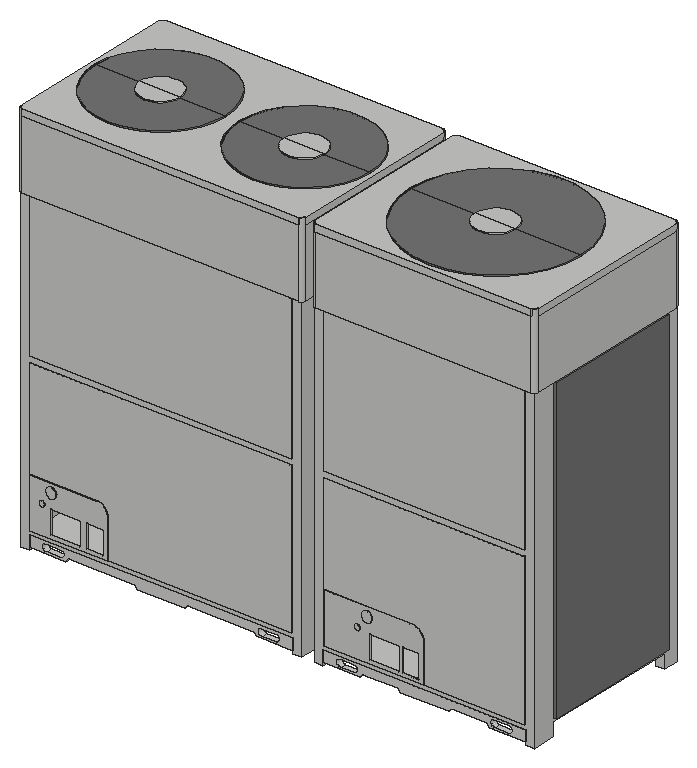
Revit family "Heat_Pump-Split_System-Outdoor-JCI-Twin_Unit-18-30 _ton-Heat_Recovery", category Mechanical Equipment, Revit 2014 (continued)
Definition of nested family "Heat_Pump-Split_System-Outdoor-JCI-Single_Unit-6-16 _ton-Heat_Recovery to be nested"
  Dimensions and locks (in)
    aligned and locked: plane 5 "Right" to Extrusion 8 sketch curve
    aligned and locked: Extrusion 8 sketch curve to plane 14 "front leg inside"
    aligned and locked: plane 28 to Extrusion 8 sketch curve
    aligned and locked: Extrusion 8 sketch curve to plane 4 "Left"
    aligned and locked: plane 13 "lid bottom" to Extrusion 8
    aligned and locked: plane 24 "panel bottom" to Extrusion 8
    aligned and locked: Extrusion 8 sketch curve to plane 26
    aligned and locked: plane 27 to Extrusion 8 sketch curve
    aligned and locked: Extrusion 8 sketch curve to plane 6 "Back"  (x2)
    aligned and locked: Extrusion 8 sketch curve to plane 15 "back leg inside"  (x2)
    aligned and locked: Extrusion 8 sketch curve to plane 23 "right leg inside"
    aligned and locked: plane 15 "back leg inside" to Extrusion 8 sketch curve
    aligned and locked: Extrusion 8 sketch curve to plane 22 "left leg inside"
    aligned and locked: plane 29 "fan 1 x cl" to nested 1
    aligned and locked: plane 29 "fan 1 x cl" to Extrusion 9 sketch curve
    aligned and locked: plane 1 "Center (Front/Back)" to Extrusion 9 sketch curve  (x2)
    aligned and locked: plane 30 "fan 2 x cl" to Extrusion 9 sketch curve
    aligned and locked: Extrusion 9 to plane 11 "Top"
    aligned and locked: Extrusion 9 to plane 17
    aligned and locked: plane 1 "Center (Front/Back)" to nested 1
    aligned and locked: plane 30 "fan 2 x cl" to nested 2
    aligned and locked: plane 1 "Center (Front/Back)" to nested 2
    aligned and locked: plane 7 "Front" to Extrusion 10 sketch curve
    aligned and locked: Extrusion 10 sketch curve to plane 5 "Right"
    aligned and locked: Extrusion 10 sketch curve to plane 6 "Back"
    aligned and locked: plane 4 "Left" to Extrusion 10 sketch curve
    aligned and locked: plane 31 "fan top" to Extrusion 10
    aligned and locked: Extrusion 10 to plane 10 "Bottom"
    aligned and locked: Extrusion 7 sketch curve to plane 32 "detail panel right"
    aligned and locked: plane 33 "detail panel top" to Extrusion 7 sketch curve
    aligned and locked: Masking region 1 sketch curve to Extrusion 10  (x4)
    aligned and locked: plane 8 "lid left" to Masking region 2 sketch curve  (x2)
    aligned and locked: Masking region 2 sketch curve to cut or joined group of Extrusion 2, Extrusion 9  (x4)
    aligned and locked: Masking region 2 sketch curve to cut or joined group of Extrusion 1, Extrusion 9  (x4)
    aligned and locked: cut or joined group of Extrusion 2, Extrusion 9 to Masking region 2 sketch curve  (x4)
    aligned and locked: plane 7 "Front" to Masking region 2 sketch curve
    aligned and locked: Masking region 2 sketch curve to plane 28
    aligned and locked: plane 4 "Left" to Masking region 2 sketch curve
    aligned and locked: Masking region 2 sketch curve to plane 15 "back leg inside"  (x2)
    aligned and locked: Masking region 2 sketch curve to plane 6 "Back"
    aligned and locked: Masking region 2 sketch curve to plane 5 "Right"
    aligned and locked: plane 14 "front leg inside" to Masking region 2 sketch curve
    aligned and locked: Masking region 2 sketch curve to plane 9 "lid right"
    aligned and locked: curve 1 to Masking region 2  (x2)
    aligned and locked: Masking region 2 to curve 2
    aligned and locked: curve 2 to Masking region 2  (x2)
    aligned and locked: Masking region 2 to curve 1
    aligned and locked: Masking region 3 sketch curve to plane 31 "fan top"
    aligned and locked: plane 4 "Left" to Masking region 3 sketch curve
    aligned and locked: Masking region 3 sketch curve to plane 5 "Right"
    aligned and locked: plane 10 "Bottom" to Masking region 3 sketch curve
    aligned and locked: Masking region 4 sketch curve to plane 11 "Top"
    aligned and locked: cut or joined group of Extrusion 1, Extrusion 9 to Masking region 4 sketch curve
    aligned and locked: plane 13 "lid bottom" to Masking region 4 sketch curve
    aligned and locked: Masking region 4 sketch curve to plane 4 "Left"
    aligned and locked: Masking region 4 sketch curve to plane 18 "body left"
    aligned and locked: Masking region 4 sketch curve to plane 24 "panel bottom"
    aligned and locked: Masking region 4 sketch curve to plane 12 "base top"
    aligned and locked: plane 22 "left leg inside" to Masking region 4 sketch curve
    aligned and locked: Masking region 4 sketch curve to plane 10 "Bottom"  (x2)
    aligned and locked: plane 19 "body right" to Masking region 4 sketch curve
    aligned and locked: Masking region 4 sketch curve to plane 23 "right leg inside"
    aligned and locked: plane 24 "panel bottom" to Masking region 4 sketch curve
    aligned and locked: plane 5 "Right" to Masking region 4 sketch curve
    aligned and locked: Masking region 4 sketch curve to plane 13 "lid bottom"
    aligned and locked: Masking region 4 sketch curve to cut or joined group of Extrusion 1, Extrusion 9
    aligned and locked: Masking region 5 sketch curve to Masking region 5 sketch curve
    aligned and locked: Masking region 5 sketch curve to plane 17
    aligned and locked: Masking region 5 sketch curve to plane 8 "lid left"
    aligned and locked: Masking region 5 sketch curve to plane 11 "Top"  (x2)
    aligned and locked: cut or joined group of Extrusion 2, Extrusion 9 to Masking region 5 sketch curve
    aligned and locked: Masking region 5 sketch curve to plane 16 "lid top"
    aligned and locked: Masking region 5 sketch curve to cut or joined group of Extrusion 2, Extrusion 9  (x3)
    aligned and locked: Masking region 5 sketch curve to plane 31 "fan top"
    aligned and locked: Masking region 5 sketch curve to plane 9 "lid right"
    aligned and locked: plane 17 to Masking region 5 sketch curve
    aligned and locked: plane 16 "lid top" to Masking region 5 sketch curve
    aligned and locked: Masking region 5 sketch curve to Extrusion 5  (x15)
    aligned and locked: Masking region 5 to curve 3  (x2)
    aligned and locked: Masking region 4 to curve 5  (x2)
    aligned and locked: curve 5 to Masking region 4
    aligned and locked: plane 13 "lid bottom" to curve 4
    aligned and locked: curve 4 to plane 18 "body left"
    aligned and locked: curve 6 to plane 19 "body right"
    aligned and locked: Masking region 4 to curve 4
    aligned and locked: curve 6 to Masking region 4
    aligned and locked: curve 7 to Extrusion 7
    aligned and locked: curve 8 to Extrusion 7
    aligned and locked: curve 9 to Extrusion 7
    aligned and locked: curve 11 to Extrusion 7
    aligned and locked: curve 12 to Extrusion 7
    aligned and locked: curve 14 to Extrusion 7
    aligned and locked: curve 15 to Extrusion 7
    aligned and locked: curve 16 to Extrusion 7
    aligned and locked: curve 17 to Extrusion 7
    aligned and locked: curve 19 to Extrusion 7
    aligned and locked: curve 21 to Extrusion 7
    aligned and locked: curve 22 to Extrusion 7
    aligned and locked: curve 31 to curve 28
    aligned and locked: curve 30 to Extrusion 8
    aligned and locked: plane 13 "lid bottom" to curve 32
    aligned and locked: plane 13 "lid bottom" to curve 30
    aligned and locked: plane 13 "lid bottom" to curve 29
    aligned and locked: plane 13 "lid bottom" to curve 27
    aligned and locked: curve 29 to Extrusion 8
    aligned and locked: curve 32 to Extrusion 8
    aligned and locked: curve 38 to plane 39
    aligned and locked: curve 37 to plane 38
    aligned and locked: curve 36 to plane 37
    aligned and locked: curve 35 to plane 36
    aligned and locked: curve 34 to plane 35
    aligned and locked: curve 33 to plane 34
    aligned and locked: plane 27 to curve 38
    aligned and locked: plane 23 "right leg inside" to curve 35
    aligned and locked: curve 39 to plane 40
    aligned and locked: curve 40 to plane 41
    aligned and locked: curve 41 to plane 42
    aligned and locked: curve 42 to plane 43
    aligned and locked: plane 13 "lid bottom" to curve 39
    aligned and locked: plane 13 "lid bottom" to curve 40
    aligned and locked: plane 13 "lid bottom" to curve 41
    aligned and locked: plane 13 "lid bottom" to curve 42
    aligned and locked: plane 24 "panel bottom" to curve 41
    aligned and locked: plane 24 "panel bottom" to curve 42
    aligned and locked: curve 43 to plane 34
    aligned and locked: curve 44 to plane 35
    aligned and locked: curve 45 to plane 36
    aligned and locked: plane 37 to curve 46
    aligned and locked: curve 47 to plane 38
    aligned and locked: curve 48 to plane 39
    aligned and locked: plane 22 "left leg inside" to curve 48
    aligned and locked: plane 22 "left leg inside" to curve 43
    aligned and locked: plane 26 to curve 45
    aligned and locked: curve 50 to plane 45
    aligned and locked: curve 51 to plane 46
    aligned and locked: curve 52 to plane 47
    aligned and locked: plane 24 "panel bottom" to curve 52
    aligned and locked: plane 13 "lid bottom" to curve 49
    aligned and locked: plane 13 "lid bottom" to curve 50
    aligned and locked: plane 13 "lid bottom" to curve 51
    aligned and locked: plane 13 "lid bottom" to curve 52
    aligned and locked: Masking region 6 sketch curve to Extrusion 10  (x4)
    aligned and locked: Masking region 7 sketch curve to Masking region 7 sketch curve
    aligned and locked: plane 13 "lid bottom" to Masking region 7 sketch curve
    aligned and locked: Masking region 7 sketch curve to plane 6 "Back"
    aligned and locked: Masking region 7 sketch curve to cut or joined group of Extrusion 1, Extrusion 9  (x2)
    aligned and locked: Masking region 7 sketch curve to plane 11 "Top"
    aligned and locked: Masking region 7 sketch curve to plane 15 "back leg inside"
    aligned and locked: plane 10 "Bottom" to Masking region 7 sketch curve  (x2)
    aligned and locked: Masking region 7 sketch curve to plane 12 "base top"
    aligned and locked: plane 14 "front leg inside" to Masking region 7 sketch curve
    aligned and locked: plane 21 "body front" to Masking region 7 sketch curve
    aligned and locked: Masking region 7 to curve 53
    aligned and locked: curve 53 to Masking region 7
    aligned and locked: plane 20 "body back" to Masking region 7 sketch curve
    aligned and locked: plane 24 "panel bottom" to Masking region 7 sketch curve
    aligned and locked: plane 13 "lid bottom" to curve 54
    aligned and locked: plane 20 "body back" to curve 54
    aligned and locked: plane 24 "panel bottom" to curve 54
    aligned and locked: curve 56 to plane 24 "panel bottom"
    aligned and locked: curve 58 to plane 48
    aligned and locked: curve 59 to plane 49
    aligned and locked: curve 56 to curve 58
    aligned and locked: plane 13 "lid bottom" to curve 59
    aligned and locked: plane 13 "lid bottom" to curve 58
    aligned and locked: curve 60 to plane 34
    aligned and locked: curve 61 to plane 35
    aligned and locked: curve 62 to plane 36
    aligned and locked: curve 63 to plane 37
    aligned and locked: curve 64 to plane 38
    aligned and locked: curve 65 to plane 39
    aligned and locked: plane 15 "back leg inside" to curve 60
    aligned and locked: plane 15 "back leg inside" to curve 65
    aligned and locked: plane 28 to curve 63
    aligned and locked: plane 28 to curve 64
    aligned and locked: plane 15 "back leg inside" to curve 67
    aligned and locked: plane 13 "lid bottom" to curve 66
    aligned and locked: curve 73 to plane 34
    aligned and locked: curve 72 to plane 35
    aligned and locked: curve 71 to plane 36
    aligned and locked: curve 70 to plane 37
    aligned and locked: curve 69 to plane 38
    aligned and locked: curve 68 to plane 39
    aligned and locked: plane 14 "front leg inside" to curve 69
    aligned and locked: plane 14 "front leg inside" to curve 68
    aligned and locked: plane 15 "back leg inside" to curve 73
    aligned and locked: plane 15 "back leg inside" to curve 72
    aligned and locked: plane 15 "back leg inside" to curve 71
    aligned and locked: plane 15 "back leg inside" to curve 70
    aligned and locked: plane 15 "back leg inside" to curve 69
    aligned and locked: plane 15 "back leg inside" to curve 68
    aligned and locked: curve 74 to plane 50
    aligned and locked: curve 75 to plane 51
    aligned and locked: curve 76 to plane 52
    aligned and locked: plane 24 "panel bottom" to curve 76
    aligned and locked: plane 24 "panel bottom" to curve 75
    aligned and locked: plane 13 "lid bottom" to curve 76
    aligned and locked: plane 13 "lid bottom" to curve 75
    aligned and locked: plane 13 "lid bottom" to curve 74
    aligned and locked: Masking region 8 sketch curve to Extrusion 7  (x2)
    aligned and locked: Masking region 8 sketch curve to plane 7 "Front"
    aligned and locked: Masking region 8 sketch curve to plane 17  (x2)
    aligned and locked: Masking region 8 sketch curve to plane 11 "Top"
    aligned and locked: Masking region 8 sketch curve to plane 31 "fan top"
    aligned and locked: Masking region 8 sketch curve to plane 16 "lid top"
    aligned and locked: Masking region 8 sketch curve to Masking region 7
    aligned and locked: cut or joined group of Extrusion 2, Extrusion 9 to Masking region 8 sketch curve
    aligned and locked: plane 11 "Top" to Masking region 8 sketch curve
    aligned and locked: plane 16 "lid top" to Masking region 8 sketch curve
    aligned and locked: Masking region 7 to Masking region 8 sketch curve
    aligned and locked: plane 17 to Masking region 8 sketch curve
    aligned and locked: Masking region 8 sketch curve to Extrusion 10
    aligned and locked: Masking region 8 sketch curve to cut or joined group of Extrusion 2, Extrusion 9
    aligned and locked: Masking region 8 to curve 77
    aligned and locked: curve 77 to Masking region 8  (x2)
    aligned and locked: Extrusion 11 sketch curve to plane 32 "detail panel right"
    aligned and locked: plane 33 "detail panel top" to Extrusion 11 sketch curve
    aligned and locked: Extrusion 11 to plane 28
    aligned and locked: Extrusion 11 to plane 21 "body front"
    aligned and locked: plane 54 "ko z cl" to curve 78
    aligned and locked: plane 53 "ko mech y cl" to curve 78
    aligned and locked: Extrusion 12 sketch curve to curve 78  (x2)
    aligned and locked: Extrusion 12 sketch curve to Extrusion 12 sketch curve
    aligned and locked: Extrusion 11 sketch curve to plane 24 "panel bottom"
    aligned and locked: Extrusion 8 sketch curve to plane 3 "Center (Left/Right)"
    aligned and locked: plane 10 "Bottom" to curve 79
    aligned and locked: plane 55 "ko power y cl" to curve 79
    aligned and locked: Extrusion 11 sketch curve to cut or joined group of Extrusion 7, Extrusion 12
    aligned and locked: curve 80 to Extrusion 13
    aligned and locked: curve 81 to curve 85
    aligned and locked: curve 87 to curve 83
    aligned and locked: Extrusion 14 sketch curve to plane 13 "lid bottom"
    aligned and locked: Extrusion 14 sketch curve to plane 24 "panel bottom"
    aligned and locked: Extrusion 14 sketch curve to plane 58
    aligned and locked: Masking region 9 sketch curve to plane 31 "fan top"
    aligned and locked: Masking region 9 sketch curve to plane 11 "Top"
    aligned and locked: curve 20 to cut or joined group of Extrusion 7, Extrusion 12
    aligned and locked: curve 13 to cut or joined group of Extrusion 7, Extrusion 12
    aligned and locked: curve 24 to Extrusion 14
    aligned and locked: curve 89 to Extrusion 13
    aligned and locked: plane 59 "front dummy" to plane 7 "Front"
    aligned and locked: curve 3 to Masking region 5
  Automatic sketch dimensions
    plane 8 "lid left" to Extrusion 2 sketch curve = 0.12868"
    Extrusion 2 sketch curve to Extrusion 2 sketch curve = 0.063"  (x5)
    Extrusion 2 sketch curve to Extrusion 2 sketch curve = 0.62182"
    Extrusion 2 sketch curve to plane 9 "lid right" = 0.12868"
    Extrusion 2 sketch curve to Extrusion 2 sketch curve = 0.12868"  (x2)
    plane 7 "Front" to Extrusion 2 sketch curve = 0.12868"
    Extrusion 2 sketch curve to Extrusion 2 sketch curve = 0.55882"
    Extrusion 5 sketch curve to plane 23 "right leg inside" = 0"
    Extrusion 5 sketch curve to Extrusion 5 sketch curve = 1/2"  (x4)
    Extrusion 5 sketch curve to Extrusion 5 sketch curve = 5/8"
    Extrusion 6 sketch curve to Extrusion 6 sketch curve = 29/32"
    Extrusion 6 sketch curve to Extrusion 6 sketch curve = 1 13/32"
    Extrusion 7 sketch curve to plane 24 "panel bottom" = 0"
    plane 22 "left leg inside" to Extrusion 7 sketch curve = 5/32"
    Masking region 2 sketch curve to plane 9 "lid right" = 0"
    plane 44 to curve 49 = 0"
    plane 7 "Front" to curve 53 = 0.063"
    curve 55 to plane 13 "lid bottom" = 0"
    curve 57 to plane 13 "lid bottom" = 0"
    Extrusion 8 sketch curve to plane 22 "left leg inside" = 0.29229"
    Masking region 5 sketch curve to Masking region 5 sketch curve = 2 3/8"
    curve 25 to plane 24 "panel bottom" = 0"
    curve 23 to plane 13 "lid bottom" = 0"
    curve 26 to plane 23 "right leg inside" = 5/32"
    plane 24 "panel bottom" to Masking region 8 sketch curve = 0"
    Masking region 8 sketch curve to plane 13 "lid bottom" = 0"
  Nested families (in)
    nested 1: "JCI - Fan to be nested" at (0, 0, 65.25), built-in parameter 1001364 <- "Length 4", type "Standard"
    nested 2: "JCI - Fan to be nested" at (38.375, 0, 65.25), built-in parameter 1001364 <- "Length 4", visible <- "Visibility 1", type "Standard"
  Definition of nested family "JCI - Fan to be nested"
    Parameters (values of type "Standard")
      Shroud Radius = Shroud Diameter / 2  # 14 3/8"
      Shroud Material = Metal - JCI - Grille SU
      Shroud Height = 1 1/4"
      Shroud Diameter = 28 3/4"
      Shroud Cap Radius = Shroud Cap Diameter / 2  # 3 3/8"
      Offset = 0"
      Length 3 = (Shroud Radius - Shroud Cap Radius) * 3 / 3  # 11"
      Length 2 = (Shroud Radius - Shroud Cap Radius) * 2 / 3  # 7.33333"
      Length 1 = (Shroud Radius - Shroud Cap Radius) * 1 / 3  # 3.66667"
      Fan Radius = Fan Diameter / 2  # 13 21/32"
      Fan Material = Image - JCI - Fan
      Fan Diameter = Shroud Diameter * 0.95  # 27 5/16"
      Shroud Cap Diameter = 6 3/4"
      Cap Material = Paint - JCI - Silky Shade SU
    Reference planes (in)
      plane 1 "Center (Front/Back)": y = 0
      plane 2: z = 0
      plane 3 "Center (Left/Right)": x = 0
      plane 4 "Bottom": z = 0
      plane 5 "Top": z = 1.25
      plane 6 "fan top": z = 0.125
    Forms (in)
      Extrusion 1, solid, material "Image - JCI - Fan" <- "Fan Material", detail levels medium+fine
        sketch origin (0, 0, 0) x (1, 0, 0) y (0, 1, 0)
          loop
            circle (0, 0) r 13.65625
        from 0 to 0.125
      Revolve 2, solid, material "Metal - JCI - Grille SU" <- "Shroud Material", detail levels fine
        sketch origin (0, 0, 0) x (1, 0, 0) y (0, 0, 1)
          loop
            line (0, 1.25) -> (-3.375, 1.25) -> (-3.375, 1.125) -> (-14.375, 1.125) -> (-14.375, 0) -> (-14.275, 0) -> (-14.275, 1.025) -> (-0.15, 1.025) -> (-0.15, 0.125) -> (0, 0.125) -> (0, 1.25)
          axis (0, 1.25) -> (0, 0)
        angle from 0 to 360
    Lines and regions (in)
      symbolic lines, detail levels fine
        curve 1: circle (0, 0, 0) r 3.375 normal (0, 0, 1)
        curve 2: circle (0, 0, 0) r 3.66667 normal (0, 0, 1)
        curve 3: circle (0, 0, 0) r 7.33333 normal (0, 0, 1)
        curve 5: circle (0, 0, 0) r 11 normal (0, 0, 1)
        curve 6: line (-3.375, 0, 0) -> (-14.375, 0, 0)
        curve 7: line (0, -3.375, 0) -> (0, -14.375, 0)
        curve 8: line (3.375, 0, 0) -> (14.375, 0, 0)
        curve 9: line (0, 3.375, 0) -> (0, 14.375, 0)
        curve 10: line (-2.38649, 2.38649, 0) -> (-10.16466, 10.16466, 0)
        curve 11: line (2.38649, 2.38649, 0) -> (10.16466, 10.16466, 0)
        curve 12: line (-2.38649, -2.38649, 0) -> (-10.16466, -10.16466, 0)
        curve 13: line (2.38649, -2.38649, 0) -> (10.16466, -10.16466, 0)
      symbolic lines, detail levels medium+fine
        curve 4: circle (0, 0, 0) r 14.375 normal (0, 0, 1)
    Dimensions and locks (in)
      "Shroud Height": plane 5 "Top" to plane 4 "Bottom"
      plane 4 "Bottom" to level = 0"
      locked: plane 6 "fan top" to plane 4 "Bottom" at 0.125
      "Shroud Radius": Revolve 2 sketch curve to Revolve 2 sketch curve
      locked: plane 5 "Top" to Revolve 2 sketch curve at 0.125
      "Shroud Cap Radius": Revolve 2 sketch curve to Revolve 2 sketch curve
      locked: Revolve 2 sketch curve to Revolve 2 sketch curve at 0.1
      locked: Revolve 2 sketch curve to Revolve 2 sketch curve at 0.15
      "Fan Radius": radius of Extrusion 1 sketch curve
      "Shroud Cap Radius": radius of curve 1
      "Shroud Radius": radius of curve 4
      "Length 1": radius of curve 2
      "Length 2": radius of curve 3
      "Length 3": radius of curve 5
      locked: curve 13 to plane 1 "Center (Front/Back)" (angle 45.00°)
      locked: plane 1 "Center (Front/Back)" to curve 11 (angle 45.00°)
      locked: curve 10 to plane 1 "Center (Front/Back)" (angle 45.00°)
      locked: plane 1 "Center (Front/Back)" to curve 12 (angle 45.00°)
      aligned and locked: plane 2 to level
      aligned and locked: plane 3 "Center (Left/Right)" to Extrusion 1 sketch curve
      aligned and locked: plane 1 "Center (Front/Back)" to Extrusion 1 sketch curve
      aligned and locked: Extrusion 1 to plane 4 "Bottom"
      aligned and locked: Extrusion 1 to plane 6 "fan top"
      aligned and locked: Revolve 2 sketch curve to plane 3 "Center (Left/Right)"
      aligned and locked: Revolve 2 sketch curve to Revolve 2 sketch curve
      aligned and locked: Revolve 2 sketch curve to plane 5 "Top"
      aligned and locked: plane 4 "Bottom" to Revolve 2 sketch curve
      aligned and locked: Revolve 2 sketch curve to plane 6 "fan top"
      aligned and locked: plane 3 "Center (Left/Right)" to curve 1
      aligned and locked: plane 1 "Center (Front/Back)" to curve 1
      aligned and locked: plane 3 "Center (Left/Right)" to curve 4
      aligned and locked: plane 1 "Center (Front/Back)" to curve 4
      aligned and locked: plane 3 "Center (Left/Right)" to curve 2
      aligned and locked: plane 1 "Center (Front/Back)" to curve 2
      aligned and locked: plane 3 "Center (Left/Right)" to curve 3
      aligned and locked: plane 1 "Center (Front/Back)" to curve 3
      aligned and locked: plane 3 "Center (Left/Right)" to curve 5
      aligned and locked: plane 1 "Center (Front/Back)" to curve 5
    Automatic sketch dimensions
      Revolve 2 sketch curve to Revolve 2 sketch curve = 0.1"
      Revolve 2 sketch curve to level = 7.65209"
      Revolve 2 sketch curve to Revolve 2 sketch curve = 5.34791"
      curve 7 to plane 3 "Center (Left/Right)" = 0"
      curve 9 to plane 3 "Center (Left/Right)" = 0"
      plane 1 "Center (Front/Back)" to curve 8 = 0"
      plane 1 "Center (Front/Back)" to curve 6 = 0"
      curve 10 to plane 1 "Center (Front/Back)" = 2.38649"
      plane 1 "Center (Front/Back)" to curve 12 = 2.38649"
      curve 11 to plane 1 "Center (Front/Back)" = 2.38649"
      plane 1 "Center (Front/Back)" to curve 13 = 2.38649"
